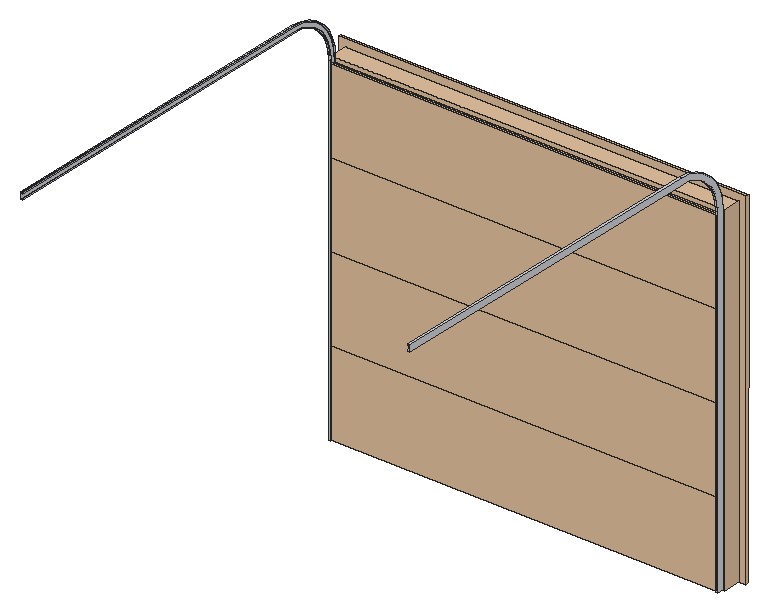
Revit family "b9d8ee28564f45f3a3a5ae66c8922b4a", category Doors, host Wall, Revit 2021
Family settings
  Host = Wall
  OmniClass Number = 23.30.10.00
  OmniClass Title = Doors
  Always vertical = Yes
  Cut with Voids When Loaded = No
  Shared = No
  Room Calculation Point = No
Parameters (values of type "96" x 84"")
  Visual Light Transmittance = 0
  Trim Material = Cherry
  Thickness = 1 1/2"
  Thermal Resistance (R) = 2.5876 (h·ft²·°F)/BTU
  Solar Heat Gain Coefficient = 0
  Rough Width = Width + 2"  # 98"
  Rough Height = Height + 1"  # 85"
  Panel Height = Height / 4  # 21"
  Panel Material = Cherry
  Height = 84"
  Wall Closure = By host
  Width = 96"
  Heat Transfer Coefficient (U) = 0.3865 BTU/(h·ft²·°F)
  Function = Exterior
  Frame Material = Cherry
  Exterior Trim [instance] = yes
  Assembly Code = "B2030400"
  Analytic Construction = "Wooden"
Reference planes (in)
  plane 1 "Center (Front/Back)": y = 0
  plane 2 "Center (Left/Right)": x = 0
  plane 3 "Left": x = -49
  plane 4 "Right": x = 49
  plane 5 "Top": z = 85
  plane 6 "Exterior": y = 2.125
  plane 7 "Interior": y = -2.375
  plane 8 "Door Panel Left": x = -48
  plane 9 "Door Panel Right": x = 48
  plane 10 "Top Of Panel": z = 84
  plane 11: z = 0
  plane 12: z = 0
  plane 13: x = 48.75
  plane 14: y = 0.625
  plane 15: y = -0.75
  plane 16: y = -3.875
  plane 17: z = 63
  plane 18: z = 42
  plane 19: z = 21
  plane 20: y = -99.875
  plane 21: z = 96
  plane 22: y = -15.875
Forms (in)
  Sweep 1, solid, material "Cherry" <- "Frame Material"
    path origin (0, 0, 0) x (1, 0, 0) y (0, 0, 1)
      loop
        line (49, 0) -> (49, 85) -> (-49, 85) -> (-49, 0)
    profile origin (49, 0, 42.5) x (-1, 0, 0) y (0, -1, 0)
      loop
        line (1, -2.125) -> (1, 2.375) -> (0, 2.375) -> (0, -2.125) -> (1, -2.125)
  Sweep 2, solid, material "Cherry" <- "Trim Material", visible <- "Exterior Trim", detail levels fine
    path origin (0, 2.125, 0) x (1, 0, 0) y (0, 0, 1)
      loop
        line (48, 0) -> (48, 84) -> (-48, 84) -> (-48, 0)
    profile "Casing Profile-Flat : 1x3" origin (48, 2.125, 42) x (-1, 0, 0) y (0, -1, 0)
      loop
        line (-0.25, -0.75) -> (-0.25, 0) -> (-2.75, 0) -> (-2.75, -0.75) -> (-0.25, -0.75)
  Sweep 3, solid
    path origin (0, 0, 0) x (0, 1, 0) y (0, 0, 1)
      loop
        line (-99.875, 96) -> (-14.875, 96)
        arc (-14.875, 96) -> (-7.09683, 92.77817) -> (-3.875, 85) r 11
        line (-3.875, 85) -> (-3.875, 0)
    profile origin (0, -57.375, 96) x (0, 0, 1) y (1, 0, 0)
      loop
        line (0, 48) -> (0.125, 48) -> (0.125, 48.375) -> (1.375, 48.375) -> (1.375, 48) -> (1.5, 48) -> (1.5, 48.5) -> (0, 48.5) -> (0, 48)
      loop
        line (0, -48) -> (0, -48.5) -> (1.5, -48.5) -> (1.5, -48) -> (1.375, -48) -> (1.375, -48.375) -> (0.125, -48.375) -> (0.125, -48) -> (0, -48)
Lines and regions (in)
  Opening 1
    outline origin (-90, -2.375, 0) x (1, 0, 0) y (0, 0, 1)
      loop
        line (41, 0) -> (139, 0) -> (139, 85) -> (41, 85) -> (41, 0)
  Masking region 1
    outline origin (0, 0, 0) x (1, 0, 0) y (0, 1, 0)
      loop
        line (-49, 2.125) -> (-49, -2.375) -> (-48, -2.375) -> (-48, 2.125) -> (-49, 2.125)
      loop
        line (49, 2.125) -> (48, 2.125) -> (48, -2.375) -> (49, -2.375) -> (49, 2.125)
  Masking region 2
    outline origin (0, 0, 0) x (0, 1, 0) y (0, 0, 1)
      loop
        line (2.125, 85) -> (-2.375, 85) -> (-2.375, 84.75) -> (2.125, 84.75) -> (2.125, 85)
  Masking region 3
    outline origin (0, 0, 0) x (1, 0, 0) y (0, 1, 0)
      loop
        line (-48, -2.375) -> (-48, -3.875) -> (48, -3.875) -> (48, -2.375) -> (-48, -2.375)
  symbolic lines, style "DoorsHiddenLines"
    curve 1: line (-48, -3.875, 0) -> (-48, -99.875, 0)
    curve 2: line (-48, -99.875, 0) -> (-48.5, -99.875, 0)
    curve 3: line (-48.5, -99.875, 0) -> (-48.5, -2.375, 0)
    curve 4: line (48, -3.875, 0) -> (48, -99.875, 0)
    curve 5: line (48, -99.875, 0) -> (48.5, -99.875, 0)
    curve 6: line (48.5, -99.875, 0) -> (48.5, -2.375, 0)
Text (in)
  text "Exterior" at (-74.96733, 27.31104, 0), in view "Ref. Level"
  text "Interior" at (-74.96733, -25.14366, 0), in view "Ref. Level"
  text "Exterior" at (0, 40.15149, 123.01588), in view "Right"
  text "Interior" at (0, -64.39139, 123.01588), in view "Right"
  text "Interior" at (0, -31.01599, 123.00693), in view "Left"
  text "Exterior" at (0, 54.57065, 123.00693), in view "Left"
Dimensions and locks (in)
  equal spacing: plane 3 "Left", plane 2 "Center (Left/Right)", plane 4 "Right"
  "Rough Height": level to plane 5 "Top"
  equal spacing: plane 8 "Door Panel Left", plane 2 "Center (Left/Right)", plane 9 "Door Panel Right"
  "Width": plane 8 "Door Panel Left" to plane 9 "Door Panel Right"
  "Height": level to plane 10 "Top Of Panel"
  locked: plane 11 to plane 12
  locked: plane 13 to plane 4 "Right" at 0.25
  "Rough Width": plane 3 "Left" to plane 4 "Right"
  "Thickness": plane 7 "Interior" to plane 16
  equal spacing: plane 10 "Top Of Panel", plane 17, plane 18, plane 19, plane 12
  locked: plane 21 to Sweep 3 sketch curve at 11
  locked: plane 16 to Sweep 3 sketch curve at 11
  locked: Sweep 3 sketch curve to plane 21 at 1.5  (x2)
  locked: plane 9 "Door Panel Right" to Sweep 3 sketch curve at 0.5
  locked: Sweep 3 sketch curve to plane 8 "Door Panel Left" at 0.5
  locked: plane 21 to plane 10 "Top Of Panel" at 12
  locked: plane 16 to plane 22 at 12
  "Height": plane 20 to plane 22
  locked: Masking region 2 sketch curve to plane 5 "Top" at 0.25
  locked: plane 3 "Left" to curve 3 at 0.5
  locked: plane 9 "Door Panel Right" to curve 6 at 0.5
  aligned and locked: plane 3 "Left" to Opening 1 sketch curve
  aligned and locked: plane 5 "Top" to Opening 1 sketch curve  (x2)
  aligned and locked: Opening 1 sketch curve to plane 4 "Right"
  aligned and locked: Opening 1 sketch curve to level
  aligned and locked: plane 6 "Exterior" to host wall
  aligned and locked: plane 7 "Interior" to host wall
  aligned and locked: plane 5 "Top" to Sweep 1 sketch curve
  aligned and locked: plane 4 "Right" to Sweep 1 sketch curve
  aligned and locked: Sweep 1 sketch curve to plane 3 "Left"
  aligned and locked: plane 11 to level
  aligned and locked: plane 11 to Sweep 1 sketch curve  (x2)
  aligned and locked: Sweep 1 sketch curve to host wall
  aligned and locked: Sweep 1 sketch curve to plane 7 "Interior"
  aligned and locked: plane 9 "Door Panel Right" to Sweep 2 sketch curve
  aligned and locked: Sweep 2 sketch curve to plane 8 "Door Panel Left"
  aligned and locked: Sweep 2 sketch curve to plane 10 "Top Of Panel"
  aligned and locked: Masking region 1 sketch curve to plane 3 "Left"
  aligned and locked: plane 8 "Door Panel Left" to Masking region 1 sketch curve
  aligned and locked: Masking region 1 sketch curve to plane 7 "Interior"
  aligned and locked: plane 6 "Exterior" to Masking region 1 sketch curve
  aligned and locked: plane 9 "Door Panel Right" to Masking region 1 sketch curve
  aligned and locked: Masking region 1 sketch curve to plane 4 "Right"
  aligned and locked: plane 7 "Interior" to Masking region 1 sketch curve
  aligned and locked: Masking region 1 sketch curve to plane 6 "Exterior"
  aligned and locked: plane 11 to Sweep 2 sketch curve  (x2)
  aligned and locked: plane 2 "Center (Left/Right)" to nested 1
  aligned and locked: plane 7 "Interior" to nested 1
  aligned and locked: nested 2 to plane 19
  aligned and locked: nested 3 to plane 18
  aligned and locked: nested 4 to plane 17
  aligned and locked: plane 12 to Sweep 3 sketch curve
  aligned and locked: Sweep 3 sketch curve to plane 21
  aligned and locked: nested 2 to plane 16
  aligned and locked: nested 3 to plane 16
  aligned and locked: nested 4 to plane 16
  aligned and locked: Sweep 1 sketch curve to profile plane
  aligned and locked: plane 5 "Top" to Masking region 2 sketch curve
  aligned and locked: plane 6 "Exterior" to Masking region 2 sketch curve
  aligned and locked: Masking region 2 sketch curve to plane 7 "Interior"
  aligned and locked: Masking region 3 sketch curve to nested 1  (x3)
  aligned and locked: Masking region 3 sketch curve to Sweep 1
  aligned and locked: plane 8 "Door Panel Left" to curve 1
  aligned and locked: plane 9 "Door Panel Right" to curve 4
  aligned and locked: curve 5 to plane 20
  aligned and locked: plane 20 to curve 2
Automatic sketch dimensions
  Sweep 1 sketch curve to plane 13 = 3/4"
  Sweep 3 sketch curve to plane 20 = 0"
  Sweep 3 sketch curve to profile plane = 0"  (x2)
  Sweep 3 sketch curve to profile plane = 1/8"  (x2)
  Sweep 3 sketch curve to Sweep 3 sketch curve = 1/8"  (x4)
  Sweep 3 sketch curve to Sweep 3 sketch curve = 3/8"  (x3)
  Sweep 3 sketch curve to Sweep 3 sketch curve = 0"
  host wall to curve 3 = 0"
  host wall to curve 6 = 0"
  curve 1 to plane 16 = 0"
  curve 4 to plane 16 = 0"
Nested families (in)
  nested 1: "Garage Panel - Flush" at (0, -2.375, 0), Panel Material <- "Panel Material", type "Garage Panel - Flush"
    with Panel Material Cherry
  nested 2: "Garage Panel - Flush" at (0, -2.375, 21), Panel Material <- "Panel Material", type "Garage Panel - Flush"
    with Panel Material Cherry
  nested 3: "Garage Panel - Flush" at (0, -2.375, 42), Panel Material <- "Panel Material", type "Garage Panel - Flush"
    with Panel Material Cherry
  nested 4: "Garage Panel - Flush" at (0, -2.375, 63), Panel Material <- "Panel Material", type "Garage Panel - Flush"
    with Panel Material Cherry
Definition of nested family "Garage Panel - Flush"
  Parameters
    w = 96"
    t = 1 1/2"
    h = 21"
    Panel Material [instance] = none
  Reference planes (in)
    plane 1 "Center (Front/Back)": y = 0
    plane 2: z = 0
    plane 3 "Center (Left/Right)": x = 0
    plane 4: x = -48
    plane 5: x = 48
    plane 6: y = -1.5
    plane 7: z = 21
    plane 8: x = -47
    plane 9: x = 47
    plane 10: y = -0.75
  Forms (in)
    Extrusion 1, solid, material <- "Panel Material"
      sketch origin (0, 0, 0) x (0, 1, 0) y (0, 0, 1)
        loop
          line (-1.5, 21.125) -> (-1.5, 0.25) -> (-0.625, 0.25) -> (-0.625, 0) -> (0, 0) -> (0, 20.875) -> (-0.875, 20.875) -> (-0.875, 21.125) -> (-1.5, 21.125)
      from -48 to 48
  Dimensions and locks (in)
    "w": plane 4 to plane 5
    equal spacing: plane 4, plane 3 "Center (Left/Right)", plane 5
    "t": plane 6 to plane 1 "Center (Front/Back)"
    "h": plane 7 to plane 2
    locked: plane 8 to plane 4 at 1
    plane 5 to plane 9 = 1"
    equal spacing: plane 1 "Center (Front/Back)", plane 10, plane 6
    locked: plane 7 to Extrusion 1 sketch curve at 0.125
    locked: Extrusion 1 sketch curve to plane 7 at 0.125
    locked: plane 10 to Extrusion 1 sketch curve at 0.125
    locked: Extrusion 1 sketch curve to plane 10 at 0.125
    locked: Extrusion 1 sketch curve to plane 2 at 0.25
    aligned and locked: plane 1 "Center (Front/Back)" to Extrusion 1 sketch curve
    aligned and locked: plane 6 to Extrusion 1 sketch curve
    aligned and locked: plane 5 to Extrusion 1
    aligned and locked: Extrusion 1 to plane 4
  Automatic sketch dimensions
    Extrusion 1 sketch curve to level = 0"
